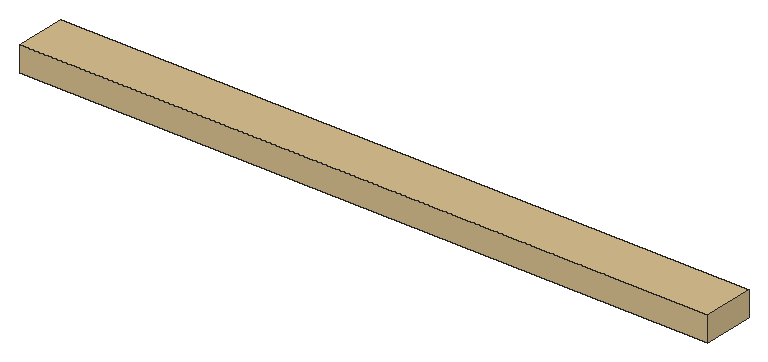
Revit family "EFJoist", category Structural Framing, Revit 2021
Family settings
  Structural Framing Length Roundoff = 0' - 0"
  Section Shape = Not Defined
  Material for Model Behavior = Wood
  Always export as geometry = No
  OmniClass Number = 23.25.30.11.14.14
  OmniClass Title = Beams
  Always vertical = Yes
  Cut with Voids When Loaded = No
  Symbolic Representation = From Project Settings
  Shared = No
  Show family pre-cut in plan views = Yes
Parameters (values of type "4X2 EFSill")
  Type Comments = "2x4"
  Structural Material = Dimensional Lumber
  Pipeline = "2x4"
  Description = "Dimension Lumber"
  A = 5.25 in²
  Assembly Code = "B10"
  Length [instance] = 5' - 0"
  b = 0' - 3 1/2"
  d = 0' - 1 3/4"
Types (5): name | b | d
  2x4 RIM Board | 0' - 1 1/2" | 0' - 3 1/2"
  4X2 Rim Board | 0' - 3 1/2" | 0' - 1 1/2"
  4X10 Rim Board | 0' - 3 1/2" | 0' - 7"
  4X2 EF | 0' - 3 1/2" | 0' - 2"
  4X2 EFSill | 0' - 3 1/2" | 0' - 1 3/4"
Reference planes (in)
  plane 1 "Center (Front/Back)": y = 0
  plane 2: z = 0
  plane 3 "Center (Left/Right)": x = 0.1815
  plane 4 "Member Left": x = -23.8185
  plane 5 "Member Right": x = 24.1815
  plane 6: y = 1.75
  plane 7: y = -1.75
  plane 8: z = 0.875
  plane 9: z = -0.875
  plane 10 "Left": x = -29.8185
  plane 11 "Stick Symbol Left": x = -17.8185
  plane 12 "Stick Symbol Right": x = 18.1815
  plane 13 "Right": x = 30.1815
Forms (in)
  Sweep 1, solid, material "Dimensional Lumber" <- "Structural Material", detail levels medium+fine
    path origin (0, 0, 0) x (1, 0, 0) y (0, 1, 0)
      loop
        line (24.1815, 0) -> (-23.8185, 0)
    profile "Rectangular Wood Beam-Profile : Rectangular Wood Beam-Profile" origin (0.1815, 0, 0) x (0, -1, 0) y (0, 0, 1)
      loop
        line (-1.75, -0.875) -> (1.75, -0.875) -> (1.75, 0.875) -> (-1.75, 0.875) -> (-1.75, -0.875)
Lines and regions (in)
  symbolic lines, style "Stick Symbols", detail levels coarse
    curve 1: line (0.1815, 1.75, 0.875) -> (0.1815, -1.75, 0.875)
    curve 2: line (0.1815, -1.75, -0.875) -> (0.1815, 1.75, -0.875)
    curve 3: line (0.1815, -1.75, 0.875) -> (0.1815, -1.75, -0.875)
    curve 4: line (0.1815, 1.75, -0.875) -> (0.1815, 1.75, 0.875)
  symbolic lines, style "Stick Symbols", detail levels medium
    curve 5: line (-23.8185, 0, 0.875) -> (24.1815, 0, 0.875)
Dimensions and locks (in)
  "b": plane 6 to plane 7
  "d": plane 9 to plane 8
  equal spacing: plane 9, plane 2, plane 8
  equal spacing: plane 6, plane 1 "Center (Front/Back)", plane 7
  "Length": plane 10 "Left" to plane 13 "Right"
  aligned and locked: Sweep 1 sketch curve to plane 1 "Center (Front/Back)"
  aligned and locked: curve 1 to Sweep 1
  aligned and locked: curve 2 to Sweep 1
  aligned and locked: curve 3 to Sweep 1
  aligned and locked: curve 4 to Sweep 1
  aligned and locked: plane 4 "Member Left" to Sweep 1 sketch curve
  aligned and locked: plane 5 "Member Right" to Sweep 1 sketch curve
  aligned and locked: plane 4 "Member Left" to curve 5
  aligned and locked: plane 5 "Member Right" to curve 5
  aligned and locked: plane 1 "Center (Front/Back)" to curve 5
